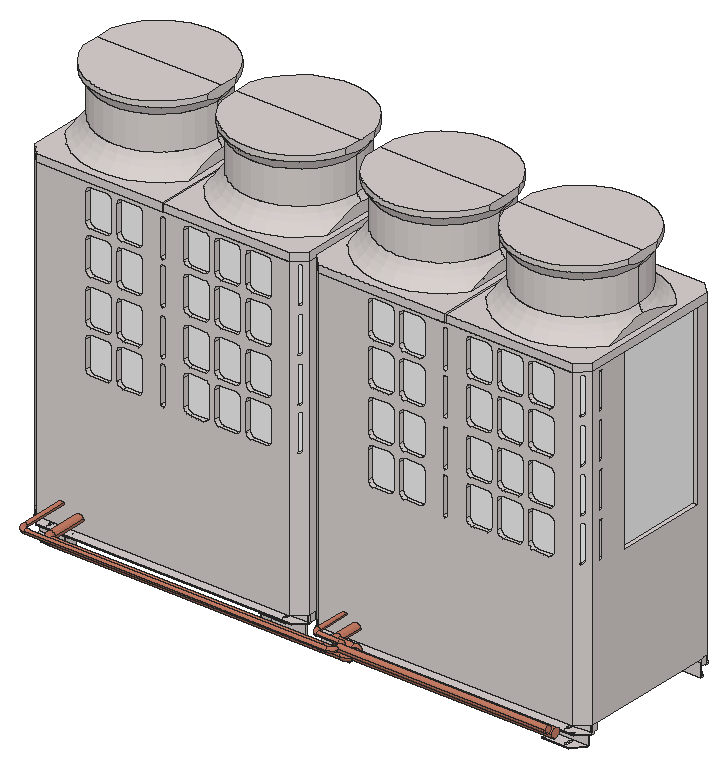
Revit family "PURY-EP850YSNW-A1", category 機械設備, Revit 2016 (continued)
Definition of nested family "PURY-EP450YNW-A1"
  Dimensions and locks
    cut or joined group 1 (Extrusion 1, Extrusion 2, Extrusion 3, Extrusion 4, Extrusion 5, Extrusion 6, Extrusion 7, Extrusion 8, Extrusion 9, Extrusion 10, Extrusion 11, Extrusion 12, Extrusion 13, Extrusion 14, Extrusion 15, Extrusion 16, Extrusion 17, Extrusion 18, Extrusion 19, Extrusion 20, Extrusion 21, Extrusion 22, Extrusion 23, Extrusion 24, Extrusion 25, Extrusion 26, Extrusion 27, Extrusion 28, Extrusion 29, Extrusion 30, Extrusion 31, Extrusion 32, Extrusion 33) to plane 12 to cut or joined group 1 = 805.000 mm, 621.000 mm
    plane 5 to plane 2 = 1858.000 mm  (x2)
    cut or joined group 1 to plane 19 "132" = 132.000 mm
    cut or joined group 1 to plane 22 = 207.000 mm
    cut or joined group 1 to plane 23 = 256.000 mm
    cut or joined group 1 to plane 6 = 60.000 mm
    cut or joined group 1 to cut or joined group 1 = 42.154 mm
    cut or joined group 1 to cut or joined group 1 = 11.895 mm
    nested 1 to nested 3 to level = 1798.000 mm, 60.000 mm
    nested 1 to nested 1 = 303.000 mm
    nested 1 to nested 3 = 1495.000 mm
    nested 8 to nested 8 to nested 8 to nested 7 to nested 7 to nested 7 = 54.000 mm, 20.000 mm, 592.000 mm, 20.000 mm, 54.000 mm
    nested 3 to nested 3 = 56.000 mm
    plane 11 to plane 31 to plane 32 to cut or joined group 1 = 90.000 mm, 1060.000 mm, 90.000 mm
    curve 103 to nested 7 = 90.000 mm
    curve 104 to nested 7 = 125.000 mm
    curve 101 to nested 7 = 100.000 mm
    curve 11 to curve 13 to nested 7 = 84.000 mm, 71.000 mm
    cut or joined group 1 to curve 12 to curve 14 = 125.000 mm, 148.000 mm
    nested 2 to nested 7 = 1495.000 mm
    curve 87 to cut or joined group 1 = 152.000 mm
    curve 88 to cut or joined group 1 = 172.000 mm
    curve 89 to cut or joined group 1 = 216.000 mm
    cut or joined group 1 to curve 4 to curve 2 = 128.000 mm, 150.000 mm
    cut or joined group 1 to curve 1 to curve 3 = 79.000 mm, 94.000 mm
    Extrusion 32 sketch curve to nested 7 = 116.000 mm
    cut or joined group 1 to Extrusion 32 sketch curve = 160.000 mm
    cut or joined group 1 to Extrusion 33 sketch curve = 243.000 mm
    Extrusion 33 sketch curve to nested 7 = 116.000 mm
    aligned and locked: level to plane 2
    aligned and locked: Extrusion 1 to plane 4
  Nested families
    nested 1: "FAN GUARD" at (-311.5, 2, 860), type "FAN GUARD"
      with WIDTH 870.000 mm
    nested 2: "FAN GUARD" at (311.5, 2, 860) x (-1, 0, 0) z (0, 0, 1), type "FAN GUARD"
      with WIDTH 870.000 mm
    nested 3: "ATTACHMENT LEG" at (-524, -349, 0), type "ATTACHMENT LEG"
    nested 4: "ATTACHMENT LEG" at (-524, 349, 0), type "ATTACHMENT LEG"
    nested 5: "ATTACHMENT LEG" at (524, -349, 0) x (-1, 0, 0) z (0, 0, 1), type "ATTACHMENT LEG"
    nested 6: "ATTACHMENT LEG" at (524, 349, 0) x (-1, 0, 0) z (0, 0, 1), type "ATTACHMENT LEG"
    nested 7: "BASE LEG_L_" at (0, -352, 60), type "BASE LEG_L_"
      with Width 1240.000 mm
    nested 8: "BASE LEG_L_" at (0, 352, 60), type "BASE LEG_L_"
      with Width 1240.000 mm
  Connectors
    piping at (-460, -191, 176), diameter 25.4, driven by "Liquid pipe_radius"
      settings: on cut or joined group 1, index 3, connector inside diameter 25.4 mm, connector length 0.000 mm, flow factor 0, pipe flow 0.0 L/s, pressure drop 0.0 Pa, fitting loss kfactor 0, connector angle 0.00°, fixture units 0, engagement length 0.000 mm, angle of deflection 0.00°, flow configuration 0, flow direction 0, fitting loss method 0, system type 22, joint type 0, gender type 0, connector reference index -1, connector utility 0, adjustable connector no, is connector primary yes, connector description "Refrigerant service valve<Liquid pipe>"
    piping at (-377, -191, 176), diameter 28.58, driven by "Gas pipe_radius"
      settings: on cut or joined group 1, index 4, connector inside diameter 28.58 mm, connector length 0.000 mm, flow factor 0, pipe flow 0.0 L/s, pressure drop 0.0 Pa, fitting loss kfactor 0, connector angle 0.00°, fixture units 0, engagement length 0.000 mm, angle of deflection 0.00°, flow configuration 0, flow direction 0, fitting loss method 0, system type 22, joint type 0, gender type 0, connector reference index -1, connector utility 0, adjustable connector no, is connector primary no, connector description "Refrigerant service valve<Gas>"
    electrical at (0, -370, 808)
      settings: on cut or joined group 1, index 5, voltage 0 V, apparent load 0 VA, apparent load phase1 0 VA, apparent load phase2 0 VA, apparent load phase3 0 VA, power factor 1, load classification none, number of poles 1, system type 30, power factor state 1, is connector primary yes, connector utility no, sub classification motor no, connector description ""
  Definition of nested family "FAN GUARD"
    Parameters
      WIDTH [instance] = 870.000 mm
    Reference planes
      plane 1 "中心(正面/背面)": y = -2
      plane 2: z = 0
      plane 3 "ファンガード基準面": z = 661
      plane 4: y = 368
      plane 5: x = 366
      plane 6: x = -375
      plane 7 "ファンガード基準上面": z = 695
      plane 8 "ファンガード上面": z = 998
      plane 9: x = -273.971
      plane 10: x = 308.5
      plane 11: x = -308.5
      plane 12: x = 0
    Forms (mm)
      Extrusion 1, solid
        sketch origin (85, 0, 661) x (-1, 0, 0) y (0, -1, 0)
          loop
            line (343.5, -368) -> (393.5, -318) -> (393.5, 322) -> (343.5, 372) -> (-223.5, 372) -> (-223.5, -368) -> (343.5, -368)
        from 0 to 34
      Revolve 2, solid
        sketch origin (0, -2, 0) x (1, 0, 0) y (0, 0, 1)
          loop
            line (0, 695) -> (0, 998) -> (-290, 998) -> (-290, 972.327) -> (-260, 928.372) -> (-260, 777.384)
            arc (-260, 777.384) -> (-290.651, 730.137) -> (-334.665, 695) r 175.882
            line (-334.665, 695) -> (0, 695)
          axis (0, 998) -> (0, 695)
        angle from 0 to 360
      Extrusion 3, void
        sketch origin (-840, 75, 695) x (-1, 0, 0) y (0, -1, 0)
          loop
            line (-410, -165) -> (-410, 315) -> (-561.253, 315) -> (-561.253, -165) -> (-410, -165)
        from -35 to 430.592
      Extrusion 4, void
        sketch origin (840, 75, 695) x (1, 0, 0) y (0, 1, 0)
          loop
            line (-410, 165) -> (-561.253, 165) -> (-561.253, -315) -> (-410, -315) -> (-410, 165)
        from 0 to 430.592
    Cuts and joins
      Extrusion 3, Extrusion 4 cuts Revolve 2
      Extrusion 4 cuts Extrusion 1
    Lines and regions (mm)
      model lines
        curve 1: line (-278.747, 0, 998) -> (-80, 0, 998)
        curve 2: line (80, 0, 998) -> (278.747, 0, 998)
        curve 3: circle (0, 0, 998) r 80 normal (0, 0, 1)
        curve 4: line (-278.747, -80, 998) -> (278.747, -80, 998)
        curve 5: line (-241.868, -160, 998) -> (241.868, -160, 998)
        curve 6: line (-162.788, -240, 998) -> (162.788, -240, 998)
        curve 7: line (-278.747, 80, 998) -> (278.747, 80, 998)
        curve 8: line (-241.868, 160, 998) -> (240, 160, 998)
        curve 9: line (-160, 240, 998) -> (162.788, 240, 998)
        curve 10: line (0, 290, 998) -> (0, -290, 998)
        curve 11: line (-20, 289.31, 998) -> (-20, -289.31, 998)
        curve 12: line (-40, 287.228, 998) -> (-40, -287.228, 998)
        curve 13: line (-60, 283.725, 998) -> (-60, -283.725, 998)
        curve 14: line (-80, 278.747, 998) -> (-80, -278.747, 998)
        curve 15: line (20, 289.31, 998) -> (20, -289.31, 998)
        curve 16: line (40, 287.228, 998) -> (40, -287.228, 998)
        curve 17: line (60, 283.725, 998) -> (60, -283.725, 998)
        curve 18: line (80, 278.747, 998) -> (80, -278.747, 998)
        curve 19: line (100, 272.213, 998) -> (100, -272.213, 998)
        curve 20: line (120, 264.008, 998) -> (120, -264.008, 998)
        curve 21: line (140, 253.969, 998) -> (140, -253.969, 998)
        curve 22: line (160, 241.868, 998) -> (160, -243.132, 998)
        curve 23: line (180, 227.376, 998) -> (180, -227.624, 998)
        curve 24: line (200, 210, 998) -> (200, -210, 998)
        curve 25: line (220, 188.944, 998) -> (220, -188.944, 998)
        curve 26: line (240, 160, 998) -> (240, -162.788, 998)
        curve 27: line (260, 128.452, 998) -> (260, -128.452, 998)
        curve 28: line (-100, 272.213, 998) -> (-100, -272.213, 998)
        curve 29: line (-120, 264.008, 998) -> (-120, -264.008, 998)
        curve 30: line (-140, 253.969, 998) -> (-140, -253.969, 998)
        curve 31: line (-160, 240, 998) -> (-160, -241.868, 998)
        curve 32: line (-180, 227.376, 998) -> (-180, -227.376, 998)
        curve 33: line (-200, 210, 998) -> (-200, -210, 998)
        curve 34: line (-220, 188.944, 998) -> (-220, -188.944, 998)
        curve 35: line (-240, 162.788, 998) -> (-240, -162.788, 998)
        curve 36: line (-260, 128.452, 998) -> (-260, -128.452, 998)
        curve 37: line (10, 79.373, 998) -> (10, -79.373, 998)
        curve 38: line (-10, 79.373, 998) -> (-10, -79.373, 998)
        curve 39: line (30, 74.162, 998) -> (30, -74.162, 998)
        curve 40: line (50, 62.45, 998) -> (50, -62.45, 998)
        curve 41: line (70, 38.73, 998) -> (70, -38.73, 998)
        curve 42: line (-30, 74.162, 998) -> (-30, -74.162, 998)
        curve 43: line (-50, 62.45, 998) -> (-50, -62.45, 998)
        curve 44: line (-70, 38.73, 998) -> (-70, -38.73, 998)
    Dimensions and locks
      locked: plane 8 "ファンガード上面" to plane 7 "ファンガード基準上面" at 303
      plane 8 "ファンガード上面" to plane 3 "ファンガード基準面" = 337.000 mm
      Revolve 2 sketch curve to Revolve 2 sketch curve = 290.000 mm
      Extrusion 1 sketch curve to Extrusion 1 sketch curve = 740.000 mm
      equal spacing: Extrusion 1 sketch curve, plane 1 "中心(正面/背面)", Extrusion 1 sketch curve
      plane 6 to plane 5 = 741.000 mm
      Extrusion 1 sketch curve to Extrusion 1 sketch curve = 617.000 mm
      plane 11 to plane 10 = 617.000 mm
      cut or joined group of Extrusion 1, Extrusion 4 to cut or joined group of Extrusion 1, Extrusion 4 = 617.000 mm
      cut or joined group of Extrusion 1, Extrusion 4 to cut or joined group of Extrusion 1, Extrusion 4 = 740.000 mm
      aligned and locked: level to plane 2
      aligned and locked: plane 7 "ファンガード基準上面" to Extrusion 1
      aligned and locked: plane 3 "ファンガード基準面" to Extrusion 1
      aligned and locked: cut or joined group of Revolve 2, Extrusion 3, Extrusion 4 to plane 8 "ファンガード上面"
  Definition of nested family "ATTACHMENT LEG"
    Parameters
      Width = 145.000 mm
    Reference planes
      plane 1: z = 0
      plane 2 "中心(左/右)": x = -6
      plane 3: x = -52
      plane 4: x = 85
      plane 5: x = 93
      plane 6: y = -21
      plane 7: y = 27
      plane 8: x = -30
      plane 9: y = 39
      plane 10: z = 60
      plane 11: z = 57
      plane 12: z = 3
      plane 13: x = 82
      plane 14: y = 36
      plane 15: x = -75
      plane 16: y = 31
      plane 17 "幅": x = 93
      plane 18: y = 2.5
      plane 19: y = 21
      plane 20: y = -10
    Forms (mm)
      Extrusion 1, solid
        sketch origin (0, -1, 0) x (1, 0, 0) y (0, 1, 0)
          loop
            line (-75, 36) -> (-75, 27) -> (-28, -20) -> (93, -20) -> (93, 32) -> (85, 32) -> (85, 36) -> (-75, 36)
        from 0 to 60
      Extrusion 2, void
        sketch origin (0, -3, 0) x (1, 0, 0) y (0, 0, 1)
          loop
            line (-75, 57) -> (-75, 3) -> (82, 3) -> (82, 57) -> (-75, 57)
          loop
            line (93, 57) -> (85, 57) -> (85, 3) -> (93, 3) -> (93, 57)
        from -35 to 18
      Extrusion 3, void
        sketch origin (-6, 5.5, 0) x (1, 0, 0) y (0, 1, 0)
          loop
            arc (-7, -8.5) -> (0, -15.5) -> (7, -8.5) r 7
            line (7, -8.5) -> (7, 8.5)
            arc (7, 8.5) -> (0, 15.5) -> (-7, 8.5) r 7
            line (-7, 8.5) -> (-7, -8.5)
        from 0 to 60
    Cuts and joins
      Extrusion 2, Extrusion 3 cuts Extrusion 1
    Dimensions and locks
      locked: plane 3 to plane 4 at 137
      locked: plane 3 to plane 5 at 145
      plane 6 to plane 7 = 48.000 mm
      locked: plane 10 to level at 60
      Extrusion 3 sketch curve to plane 2 "中心(左/右)" = 7.000 mm
      locked: plane 15 to plane 2 "中心(左/右)" at 69
      locked: plane 15 to plane 8 at 45
      locked: plane 6 to plane 18 at 23.5
      cut or joined group of Extrusion 1, Extrusion 2, Extrusion 3 to cut or joined group of Extrusion 1, Extrusion 2, Extrusion 3 = 168.000 mm
      cut or joined group of Extrusion 1, Extrusion 2, Extrusion 3 to cut or joined group of Extrusion 1, Extrusion 2, Extrusion 3 = 56.000 mm  (x2)
      plane 14 to plane 6 = 57.000 mm
      aligned and locked: level to plane 1
      aligned and locked: Extrusion 1 sketch curve to plane 4
      aligned and locked: Extrusion 1 sketch curve to plane 5
      aligned: plane 8 to Extrusion 1 sketch curve
      aligned and locked: plane 10 to Extrusion 1
      aligned and locked: Extrusion 2 sketch curve to plane 11
      aligned: plane 3 to Extrusion 2 sketch curve
      aligned and locked: plane 12 to Extrusion 2 sketch curve
      aligned and locked: Extrusion 2 sketch curve to plane 13
      aligned and locked: plane 6 to Extrusion 2
      aligned and locked: plane 11 to Extrusion 2 sketch curve
      aligned and locked: plane 5 to Extrusion 2 sketch curve
      aligned and locked: Extrusion 2 sketch curve to plane 12
      aligned and locked: Extrusion 2 sketch curve to plane 4
      aligned and locked: plane 15 to Extrusion 1 sketch curve
      aligned and locked: Extrusion 2 sketch curve to cut or joined group of Extrusion 1, Extrusion 2, Extrusion 3
      aligned and locked: Extrusion 1 to plane 16
  Definition of nested family "BASE LEG_L_"
    Parameters
      Width [instance] = 1240.000 mm
    Reference planes
      plane 1 "中心(正面/背面)": y = 0
      plane 2: z = 0
      plane 3 "中心(左/右)": x = 0
      plane 4: x = 620
      plane 5: x = -620
      plane 6: x = -530
      plane 7: x = 530
      plane 8: y = -18
      plane 9: y = 39
      plane 10: z = 53
      plane 11: y = 42
      plane 12: y = 27
      plane 13: x = 575
      plane 14: x = -575
      plane 15: z = 8
      plane 16: y = 11.5
      plane 17: z = 35
    Forms (mm)
      Extrusion 1, solid
        sketch origin (0, 0, 0) x (0, 1, 0) y (0, 0, 1)
          loop
            line (-18, 0) -> (36, 0) -> (36, 32) -> (56, 32) -> (56, 35) -> (33, 35) -> (33, 3) -> (-18, 3) -> (-18, 0)
        from -620 to 620
      Extrusion 2, void
        sketch origin (0, 0, 0) x (1, 0, 0) y (0, 1, 0)
          loop
            line (575, -18) -> (620, -18) -> (620, 27) -> (575, -18)
          loop
            line (-575, -18) -> (-620, 27) -> (-620, -18) -> (-575, -18)
        from 0 to 250
      Extrusion 3, void
        sketch origin (0, 12.023, 0) x (1, 0, 0) y (0, 1, 0)
          loop
            arc (523, -2.971) -> (530, -9.971) -> (537, -2.971) r 7
            line (537, -2.971) -> (537, 3.023)
            arc (537, 3.023) -> (530, 10.023) -> (523, 3.023) r 7
            line (523, 3.023) -> (523, -2.971)
          loop
            line (-523, -2.971) -> (-523, 3.023)
            arc (-523, 3.023) -> (-530, 10.023) -> (-537, 3.023) r 7
            line (-537, 3.023) -> (-537, -2.971)
            arc (-537, -2.971) -> (-530, -9.971) -> (-523, -2.971) r 7
        from 0 to 250
      Extrusion 4, solid
        sketch origin (0, 0, -3) x (1, 0, 0) y (0, 0, 1)
          loop
            line (617, 8) -> (620, 8) -> (620, 35) -> (617, 35) -> (617, 8)
          loop
            line (-617, 8) -> (-617, 35) -> (-620, 35) -> (-620, 8) -> (-617, 8)
        from -36 to -56
      Extrusion 5, solid
        sketch origin (150, 352, 0) x (1, 0, 0) y (0, 1, 0)
          loop
            line (460, -319) -> (455, -319) -> (455, -320) -> (405, -370) -> (410, -370) -> (460, -320) -> (460, -319)
        from 3 to 35
      Extrusion 6, void
        sketch origin (560, -18, 0) x (0.707107, 0.707107, 0) y (0, 0, 1)
          loop
            line (70.711, 3) -> (-6.741, 39.767) -> (-6.741, 3) -> (70.711, 3)
        from -190.256 to 23.776
      Extrusion 7, solid
        sketch origin (-150, 352, 0) x (-1, 0, 0) y (0, -1, 0)
          loop
            line (460, 319) -> (460, 320) -> (410, 370) -> (405, 370) -> (455, 320) -> (455, 319) -> (460, 319)
        from 3 to 35
      Extrusion 8, void
        sketch origin (-560, -18, 0) x (0.707107, -0.707107, 0) y (0, 0, -1)
          loop
            line (-70.711, -3) -> (0, -35) -> (6.741, -35) -> (6.741, -3) -> (-70.711, -3)
        from -190.256 to 23.776
    Cuts and joins
      Extrusion 2, Extrusion 3 cuts Extrusion 1
      joined: Extrusion 1, Extrusion 4
      Extrusion 8 cuts Extrusion 7
      Extrusion 6 cuts Extrusion 5
    Dimensions and locks
      "Width": plane 5 to plane 4
      equal spacing: plane 5, plane 3 "中心(左/右)", plane 4
      locked: plane 5 to plane 6 at 90
      locked: plane 7 to plane 4 at 90
      locked: plane 8 to plane 9 at 57
      locked: plane 10 to level at 53
      locked: plane 9 to plane 11 at 3
      plane 8 to plane 12 = 45.000 mm
      locked: plane 13 to plane 4 at 45
      locked: plane 5 to plane 14 at 45
      equal spacing: Extrusion 3 sketch curve, plane 7, Extrusion 3 sketch curve
      equal spacing: Extrusion 3 sketch curve, plane 6, Extrusion 3 sketch curve
      locked: plane 10 to plane 15 at 45
      locked: cut or joined group of Extrusion 1, Extrusion 2, Extrusion 3, Extrusion 4 to Extrusion 4 sketch curve at 3  (x2)
      locked: plane 8 to plane 16 at 29.5
      plane 8 to plane 11 = 60.000 mm
      cut or joined group of Extrusion 1, Extrusion 2, Extrusion 3, Extrusion 4 to cut or joined group of Extrusion 1, Extrusion 2, Extrusion 3, Extrusion 4 = 35.000 mm
      aligned and locked: level to plane 2
      aligned and locked: plane 8 to Extrusion 1 sketch curve
      aligned and locked: plane 4 to Extrusion 1
      aligned and locked: Extrusion 1 to plane 5
      aligned and locked: Extrusion 2 sketch curve to plane 4
      aligned and locked: Extrusion 2 sketch curve to plane 8
      aligned and locked: plane 12 to Extrusion 2 sketch curve
      aligned and locked: plane 13 to Extrusion 2 sketch curve
      aligned and locked: plane 4 to Extrusion 4 sketch curve
      aligned and locked: plane 5 to Extrusion 4 sketch curve
      aligned and locked: cut or joined group of Extrusion 7, Extrusion 8 to cut or joined group of Extrusion 1, Extrusion 2, Extrusion 3, Extrusion 4
    Automatic sketch dimensions
      Extrusion 3 sketch curve to plane 1 "中心(正面/背面)" = 9.052 mm  (x2)
      Extrusion 3 sketch curve to plane 7 = 7.000 mm
      Extrusion 3 sketch curve to plane 1 "中心(正面/背面)" = 15.046 mm  (x2)
      Extrusion 3 sketch curve to plane 6 = 7.000 mm
      Extrusion 2 sketch curve to plane 5 = 0.000 mm
      plane 8 to Extrusion 2 sketch curve = 0.000 mm
      Extrusion 2 sketch curve to plane 14 = 0.000 mm
      plane 12 to Extrusion 2 sketch curve = 0.000 mm
      Extrusion 4 sketch curve to plane 10 = 21.000 mm
      plane 7 to Extrusion 5 sketch curve = 25.000 mm
      Extrusion 5 sketch curve to Extrusion 5 sketch curve = 5.000 mm  (x2)
      plane 7 to Extrusion 5 sketch curve = 75.000 mm
      plane 8 to Extrusion 5 sketch curve = 0.000 mm
      Extrusion 5 sketch curve to Extrusion 5 sketch curve = 50.000 mm
      Extrusion 5 sketch curve to Extrusion 5 sketch curve = 0.000 mm
      Extrusion 5 sketch curve to Extrusion 5 sketch curve = 1.000 mm
      Extrusion 6 sketch curve to Extrusion 5 = 0.000 mm  (x2)
      Extrusion 6 sketch curve to Extrusion 5 = 6.741 mm
      Extrusion 6 sketch curve to Extrusion 5 = 4.767 mm
      plane 6 to Extrusion 7 sketch curve = 25.000 mm
      Extrusion 7 sketch curve to Extrusion 7 sketch curve = 5.000 mm  (x2)
      Extrusion 7 sketch curve to Extrusion 7 sketch curve = 45.000 mm
      Extrusion 7 sketch curve to plane 8 = 0.000 mm
      Extrusion 7 sketch curve to Extrusion 7 sketch curve = 50.000 mm
      Extrusion 7 sketch curve to Extrusion 7 sketch curve = 0.000 mm
      Extrusion 7 sketch curve to Extrusion 7 sketch curve = 1.000 mm
      Extrusion 8 sketch curve to Extrusion 7 = 0.000 mm  (x2)
      Extrusion 7 to Extrusion 8 sketch curve = 0.000 mm  (x2)
      Extrusion 7 to Extrusion 8 sketch curve = 6.741 mm
      Extrusion 4 sketch curve to plane 17 = 3.000 mm
      Extrusion 4 sketch curve to plane 15 = 3.000 mm  (x2)
      Extrusion 1 sketch curve to plane 17 = 0.000 mm
      Extrusion 1 sketch curve to level = 0.000 mm
      level to Extrusion 1 sketch curve = 3.000 mm
      plane 9 to Extrusion 1 sketch curve = 6.000 mm
      plane 9 to Extrusion 1 sketch curve = 3.000 mm
      Extrusion 1 sketch curve to plane 17 = 3.000 mm
      Extrusion 1 sketch curve to plane 11 = 14.000 mm
Definition of nested family "PURY-EP400YNW-A1"
  Parameters
    Model = "PURY-P400YNW-A"
    URL = "http://www.mitsubishielectric.com/"
    Manufacturer = "Mitsubishi Electric Corporation"
    Liquid pipe_radius = 12.700 mm
    Gas pipe_radius = 14.290 mm
  Reference planes
    plane 1 "Center (Front/Back)": y = 0
    plane 2: z = 0
    plane 3 "Center (Left/Right)": x = 0
    plane 4: y = 370
    plane 5: z = 1858
    plane 6: y = -260
    plane 7: y = -204
    plane 8: y = -185
    plane 9: x = -620
    plane 10: x = 620
    plane 11: x = -620
    plane 12: z = 716
    plane 13: x = -524
    plane 14: z = 669
    plane 15: x = -50.5
    plane 16: x = 51
    plane 17: x = 489
    plane 18: x = 467
    plane 19 "132": x = 488
    plane 20 "100": z = 160
    plane 21: z = 185
    plane 22: x = 413
    plane 23: x = 364
    plane 24: z = 150
    plane 25: x = -287.25
    plane 26: x = -137.25
    plane 27: x = -272.25
    plane 28: y = -278
    plane 29: z = 1509
    plane 30: y = -370
    plane 31: x = -530
    plane 32: x = 530
    plane 33 "179": y = -191
  Forms (mm)
    Extrusion 1, solid
      sketch origin (-1, 0, 113) x (-1, 0, 0) y (0, -1, 0)
        loop
          line (569, -370) -> (619, -320) -> (619, 320) -> (569, 370) -> (-571, 370) -> (-621, 320) -> (-621, -320) -> (-571, -370) -> (569, -370)
      from -18 to 1408
    Extrusion 2, void
      sketch origin (524, -370, 113) x (1, 0, 0) y (0, 0, -1)
        loop
          arc (-60.8, -1393.5) -> (-42.557, -1385.943) -> (-35, -1367.7) r 25.8
          line (-35, -1367.7) -> (-35, -1248.5)
          arc (-35, -1248.5) -> (-42.557, -1230.257) -> (-60.8, -1222.7) r 25.8
          line (-60.8, -1222.7) -> (-126, -1222.7)
          arc (-126, -1222.7) -> (-144.243, -1230.257) -> (-151.8, -1248.5) r 25.8
          line (-151.8, -1248.5) -> (-151.8, -1367.7)
          arc (-151.8, -1367.7) -> (-144.243, -1385.943) -> (-126, -1393.5) r 25.8
          line (-126, -1393.5) -> (-60.8, -1393.5)
      from 0 to 20
    Extrusion 3, void
      sketch origin (524, -370, -81) x (1, 0, 0) y (0, 0, -1)
        loop
          arc (-60.8, -1393.5) -> (-42.557, -1385.943) -> (-35, -1367.7) r 25.8
          line (-35, -1367.7) -> (-35, -1248.5)
          arc (-35, -1248.5) -> (-42.557, -1230.257) -> (-60.8, -1222.7) r 25.8
          line (-60.8, -1222.7) -> (-126, -1222.7)
          arc (-126, -1222.7) -> (-144.243, -1230.257) -> (-151.8, -1248.5) r 25.8
          line (-151.8, -1248.5) -> (-151.8, -1367.7)
          arc (-151.8, -1367.7) -> (-144.243, -1385.943) -> (-126, -1393.5) r 25.8
          line (-126, -1393.5) -> (-60.8, -1393.5)
      from 0 to 20
    Extrusion 4, void
      sketch origin (524, -370, -287) x (1, 0, 0) y (0, 0, -1)
        loop
          arc (-60.8, -1393.5) -> (-42.557, -1385.943) -> (-35, -1367.7) r 25.8
          line (-35, -1367.7) -> (-35, -1248.5)
          arc (-35, -1248.5) -> (-42.557, -1230.257) -> (-60.8, -1222.7) r 25.8
          line (-60.8, -1222.7) -> (-126, -1222.7)
          arc (-126, -1222.7) -> (-144.243, -1230.257) -> (-151.8, -1248.5) r 25.8
          line (-151.8, -1248.5) -> (-151.8, -1367.7)
          arc (-151.8, -1367.7) -> (-144.243, -1385.943) -> (-126, -1393.5) r 25.8
          line (-126, -1393.5) -> (-60.8, -1393.5)
      from 0 to 20
    Extrusion 5, void
      sketch origin (524, -370, -481) x (1, 0, 0) y (0, 0, -1)
        loop
          arc (-60.8, -1393.5) -> (-42.557, -1385.943) -> (-35, -1367.7) r 25.8
          line (-35, -1367.7) -> (-35, -1248.5)
          arc (-35, -1248.5) -> (-42.557, -1230.257) -> (-60.8, -1222.7) r 25.8
          line (-60.8, -1222.7) -> (-126, -1222.7)
          arc (-126, -1222.7) -> (-144.243, -1230.257) -> (-151.8, -1248.5) r 25.8
          line (-151.8, -1248.5) -> (-151.8, -1367.7)
          arc (-151.8, -1367.7) -> (-144.243, -1385.943) -> (-126, -1393.5) r 25.8
          line (-126, -1393.5) -> (-60.8, -1393.5)
      from 0 to 20
    Extrusion 6, void
      sketch origin (384, -370, 113) x (1, 0, 0) y (0, 0, -1)
        loop
          arc (-60.8, -1393.5) -> (-42.557, -1385.943) -> (-35, -1367.7) r 25.8
          line (-35, -1367.7) -> (-35, -1248.5)
          arc (-35, -1248.5) -> (-42.557, -1230.257) -> (-60.8, -1222.7) r 25.8
          line (-60.8, -1222.7) -> (-126, -1222.7)
          arc (-126, -1222.7) -> (-144.243, -1230.257) -> (-151.8, -1248.5) r 25.8
          line (-151.8, -1248.5) -> (-151.8, -1367.7)
          arc (-151.8, -1367.7) -> (-144.243, -1385.943) -> (-126, -1393.5) r 25.8
          line (-126, -1393.5) -> (-60.8, -1393.5)
      from 0 to 20
    Extrusion 7, void
      sketch origin (384, -370, -81) x (1, 0, 0) y (0, 0, -1)
        loop
          arc (-60.8, -1393.5) -> (-42.557, -1385.943) -> (-35, -1367.7) r 25.8
          line (-35, -1367.7) -> (-35, -1248.5)
          arc (-35, -1248.5) -> (-42.557, -1230.257) -> (-60.8, -1222.7) r 25.8
          line (-60.8, -1222.7) -> (-126, -1222.7)
          arc (-126, -1222.7) -> (-144.243, -1230.257) -> (-151.8, -1248.5) r 25.8
          line (-151.8, -1248.5) -> (-151.8, -1367.7)
          arc (-151.8, -1367.7) -> (-144.243, -1385.943) -> (-126, -1393.5) r 25.8
          line (-126, -1393.5) -> (-60.8, -1393.5)
      from 0 to 20
    Extrusion 8, void
      sketch origin (384, -370, -287) x (1, 0, 0) y (0, 0, -1)
        loop
          arc (-60.8, -1393.5) -> (-42.557, -1385.943) -> (-35, -1367.7) r 25.8
          line (-35, -1367.7) -> (-35, -1248.5)
          arc (-35, -1248.5) -> (-42.557, -1230.257) -> (-60.8, -1222.7) r 25.8
          line (-60.8, -1222.7) -> (-126, -1222.7)
          arc (-126, -1222.7) -> (-144.243, -1230.257) -> (-151.8, -1248.5) r 25.8
          line (-151.8, -1248.5) -> (-151.8, -1367.7)
          arc (-151.8, -1367.7) -> (-144.243, -1385.943) -> (-126, -1393.5) r 25.8
          line (-126, -1393.5) -> (-60.8, -1393.5)
      from 0 to 20
    Extrusion 9, void
      sketch origin (384, -370, -481) x (1, 0, 0) y (0, 0, -1)
        loop
          arc (-60.8, -1393.5) -> (-42.557, -1385.943) -> (-35, -1367.7) r 25.8
          line (-35, -1367.7) -> (-35, -1248.5)
          arc (-35, -1248.5) -> (-42.557, -1230.257) -> (-60.8, -1222.7) r 25.8
          line (-60.8, -1222.7) -> (-126, -1222.7)
          arc (-126, -1222.7) -> (-144.243, -1230.257) -> (-151.8, -1248.5) r 25.8
          line (-151.8, -1248.5) -> (-151.8, -1367.7)
          arc (-151.8, -1367.7) -> (-144.243, -1385.943) -> (-126, -1393.5) r 25.8
          line (-126, -1393.5) -> (-60.8, -1393.5)
      from 0 to 20
    Extrusion 10, void
      sketch origin (244, -370, 113) x (1, 0, 0) y (0, 0, -1)
        loop
          arc (-60.8, -1393.5) -> (-42.557, -1385.943) -> (-35, -1367.7) r 25.8
          line (-35, -1367.7) -> (-35, -1248.5)
          arc (-35, -1248.5) -> (-42.557, -1230.257) -> (-60.8, -1222.7) r 25.8
          line (-60.8, -1222.7) -> (-126, -1222.7)
          arc (-126, -1222.7) -> (-144.243, -1230.257) -> (-151.8, -1248.5) r 25.8
          line (-151.8, -1248.5) -> (-151.8, -1367.7)
          arc (-151.8, -1367.7) -> (-144.243, -1385.943) -> (-126, -1393.5) r 25.8
          line (-126, -1393.5) -> (-60.8, -1393.5)
      from 0 to 20
    Extrusion 11, void
      sketch origin (244, -370, -81) x (1, 0, 0) y (0, 0, -1)
        loop
          arc (-60.8, -1393.5) -> (-42.557, -1385.943) -> (-35, -1367.7) r 25.8
          line (-35, -1367.7) -> (-35, -1248.5)
          arc (-35, -1248.5) -> (-42.557, -1230.257) -> (-60.8, -1222.7) r 25.8
          line (-60.8, -1222.7) -> (-126, -1222.7)
          arc (-126, -1222.7) -> (-144.243, -1230.257) -> (-151.8, -1248.5) r 25.8
          line (-151.8, -1248.5) -> (-151.8, -1367.7)
          arc (-151.8, -1367.7) -> (-144.243, -1385.943) -> (-126, -1393.5) r 25.8
          line (-126, -1393.5) -> (-60.8, -1393.5)
      from 0 to 20
    Extrusion 12, void
      sketch origin (244, -370, -287) x (1, 0, 0) y (0, 0, -1)
        loop
          arc (-60.8, -1393.5) -> (-42.557, -1385.943) -> (-35, -1367.7) r 25.8
          line (-35, -1367.7) -> (-35, -1248.5)
          arc (-35, -1248.5) -> (-42.557, -1230.257) -> (-60.8, -1222.7) r 25.8
          line (-60.8, -1222.7) -> (-126, -1222.7)
          arc (-126, -1222.7) -> (-144.243, -1230.257) -> (-151.8, -1248.5) r 25.8
          line (-151.8, -1248.5) -> (-151.8, -1367.7)
          arc (-151.8, -1367.7) -> (-144.243, -1385.943) -> (-126, -1393.5) r 25.8
          line (-126, -1393.5) -> (-60.8, -1393.5)
      from 0 to 20
    Extrusion 13, void
      sketch origin (244, -370, -481) x (1, 0, 0) y (0, 0, -1)
        loop
          arc (-60.8, -1393.5) -> (-42.557, -1385.943) -> (-35, -1367.7) r 25.8
          line (-35, -1367.7) -> (-35, -1248.5)
          arc (-35, -1248.5) -> (-42.557, -1230.257) -> (-60.8, -1222.7) r 25.8
          line (-60.8, -1222.7) -> (-126, -1222.7)
          arc (-126, -1222.7) -> (-144.243, -1230.257) -> (-151.8, -1248.5) r 25.8
          line (-151.8, -1248.5) -> (-151.8, -1367.7)
          arc (-151.8, -1367.7) -> (-144.243, -1385.943) -> (-126, -1393.5) r 25.8
          line (-126, -1393.5) -> (-60.8, -1393.5)
      from 0 to 20
    Extrusion 14, void
      sketch origin (-56, -370, 113) x (1, 0, 0) y (0, 0, -1)
        loop
          arc (-60.8, -1393.5) -> (-42.557, -1385.943) -> (-35, -1367.7) r 25.8
          line (-35, -1367.7) -> (-35, -1248.5)
          arc (-35, -1248.5) -> (-42.557, -1230.257) -> (-60.8, -1222.7) r 25.8
          line (-60.8, -1222.7) -> (-126, -1222.7)
          arc (-126, -1222.7) -> (-144.243, -1230.257) -> (-151.8, -1248.5) r 25.8
          line (-151.8, -1248.5) -> (-151.8, -1367.7)
          arc (-151.8, -1367.7) -> (-144.243, -1385.943) -> (-126, -1393.5) r 25.8
          line (-126, -1393.5) -> (-60.8, -1393.5)
      from 0 to 20
    Extrusion 15, void
      sketch origin (-56, -370, -81) x (1, 0, 0) y (0, 0, -1)
        loop
          arc (-60.8, -1393.5) -> (-42.557, -1385.943) -> (-35, -1367.7) r 25.8
          line (-35, -1367.7) -> (-35, -1248.5)
          arc (-35, -1248.5) -> (-42.557, -1230.257) -> (-60.8, -1222.7) r 25.8
          line (-60.8, -1222.7) -> (-126, -1222.7)
          arc (-126, -1222.7) -> (-144.243, -1230.257) -> (-151.8, -1248.5) r 25.8
          line (-151.8, -1248.5) -> (-151.8, -1367.7)
          arc (-151.8, -1367.7) -> (-144.243, -1385.943) -> (-126, -1393.5) r 25.8
          line (-126, -1393.5) -> (-60.8, -1393.5)
      from 0 to 20
    Extrusion 16, void
      sketch origin (-56, -370, -287) x (1, 0, 0) y (0, 0, -1)
        loop
          arc (-60.8, -1393.5) -> (-42.557, -1385.943) -> (-35, -1367.7) r 25.8
          line (-35, -1367.7) -> (-35, -1248.5)
          arc (-35, -1248.5) -> (-42.557, -1230.257) -> (-60.8, -1222.7) r 25.8
          line (-60.8, -1222.7) -> (-126, -1222.7)
          arc (-126, -1222.7) -> (-144.243, -1230.257) -> (-151.8, -1248.5) r 25.8
          line (-151.8, -1248.5) -> (-151.8, -1367.7)
          arc (-151.8, -1367.7) -> (-144.243, -1385.943) -> (-126, -1393.5) r 25.8
          line (-126, -1393.5) -> (-60.8, -1393.5)
      from 0 to 20
    Extrusion 17, void
      sketch origin (-56, -370, -481) x (1, 0, 0) y (0, 0, -1)
        loop
          arc (-60.8, -1393.5) -> (-42.557, -1385.943) -> (-35, -1367.7) r 25.8
          line (-35, -1367.7) -> (-35, -1248.5)
          arc (-35, -1248.5) -> (-42.557, -1230.257) -> (-60.8, -1222.7) r 25.8
          line (-60.8, -1222.7) -> (-126, -1222.7)
          arc (-126, -1222.7) -> (-144.243, -1230.257) -> (-151.8, -1248.5) r 25.8
          line (-151.8, -1248.5) -> (-151.8, -1367.7)
          arc (-151.8, -1367.7) -> (-144.243, -1385.943) -> (-126, -1393.5) r 25.8
          line (-126, -1393.5) -> (-60.8, -1393.5)
      from 0 to 20
    Extrusion 18, void
      sketch origin (-196, -370, 113) x (1, 0, 0) y (0, 0, -1)
        loop
          arc (-60.8, -1393.5) -> (-42.557, -1385.943) -> (-35, -1367.7) r 25.8
          line (-35, -1367.7) -> (-35, -1248.5)
          arc (-35, -1248.5) -> (-42.557, -1230.257) -> (-60.8, -1222.7) r 25.8
          line (-60.8, -1222.7) -> (-126, -1222.7)
          arc (-126, -1222.7) -> (-144.243, -1230.257) -> (-151.8, -1248.5) r 25.8
          line (-151.8, -1248.5) -> (-151.8, -1367.7)
          arc (-151.8, -1367.7) -> (-144.243, -1385.943) -> (-126, -1393.5) r 25.8
          line (-126, -1393.5) -> (-60.8, -1393.5)
      from 0 to 20
    Extrusion 19, void
      sketch origin (-196, -370, -81) x (1, 0, 0) y (0, 0, -1)
        loop
          arc (-60.8, -1393.5) -> (-42.557, -1385.943) -> (-35, -1367.7) r 25.8
          line (-35, -1367.7) -> (-35, -1248.5)
          arc (-35, -1248.5) -> (-42.557, -1230.257) -> (-60.8, -1222.7) r 25.8
          line (-60.8, -1222.7) -> (-126, -1222.7)
          arc (-126, -1222.7) -> (-144.243, -1230.257) -> (-151.8, -1248.5) r 25.8
          line (-151.8, -1248.5) -> (-151.8, -1367.7)
          arc (-151.8, -1367.7) -> (-144.243, -1385.943) -> (-126, -1393.5) r 25.8
          line (-126, -1393.5) -> (-60.8, -1393.5)
      from 0 to 20
    Extrusion 20, void
      sketch origin (-196, -370, -287) x (1, 0, 0) y (0, 0, -1)
        loop
          arc (-60.8, -1393.5) -> (-42.557, -1385.943) -> (-35, -1367.7) r 25.8
          line (-35, -1367.7) -> (-35, -1248.5)
          arc (-35, -1248.5) -> (-42.557, -1230.257) -> (-60.8, -1222.7) r 25.8
          line (-60.8, -1222.7) -> (-126, -1222.7)
          arc (-126, -1222.7) -> (-144.243, -1230.257) -> (-151.8, -1248.5) r 25.8
          line (-151.8, -1248.5) -> (-151.8, -1367.7)
          arc (-151.8, -1367.7) -> (-144.243, -1385.943) -> (-126, -1393.5) r 25.8
          line (-126, -1393.5) -> (-60.8, -1393.5)
      from 0 to 20
    Extrusion 21, void
      sketch origin (-196, -370, -481) x (1, 0, 0) y (0, 0, -1)
        loop
          arc (-60.8, -1393.5) -> (-42.557, -1385.943) -> (-35, -1367.7) r 25.8
          line (-35, -1367.7) -> (-35, -1248.5)
          arc (-35, -1248.5) -> (-42.557, -1230.257) -> (-60.8, -1222.7) r 25.8
          line (-60.8, -1222.7) -> (-126, -1222.7)
          arc (-126, -1222.7) -> (-144.243, -1230.257) -> (-151.8, -1248.5) r 25.8
          line (-151.8, -1248.5) -> (-151.8, -1367.7)
          arc (-151.8, -1367.7) -> (-144.243, -1385.943) -> (-126, -1393.5) r 25.8
          line (-126, -1393.5) -> (-60.8, -1393.5)
      from 0 to 20
    Extrusion 22, void
      sketch origin (620, 320, 113) x (0, 1, 0) y (0, 0, -1)
        loop
          line (-462.3, -1408) -> (-50.8, -1408) -> (-50.8, -612) -> (-462.3, -612) -> (-462.3, -1408)
      from 0 to 20
    Extrusion 23, void
      sketch origin (-620, -320, 113) x (0, -1, 0) y (0, 0, -1)
        loop
          line (-535.7, -1408) -> (-207.7, -1408) -> (-207.7, -592) -> (-535.7, -592) -> (-535.7, -1408)
      from 0 to 20
    Extrusion 24, void
      sketch origin (194.892, 370, 113) x (-1, 0, 0) y (0, 0, -1)
        loop
          arc (204.892, -1225.013) -> (194.892, -1215.013) -> (184.892, -1225.013) r 10
          line (184.892, -1225.013) -> (184.892, -1379.987)
          arc (184.892, -1379.987) -> (194.892, -1389.987) -> (204.892, -1379.987) r 10
          line (204.892, -1379.987) -> (204.892, -1225.013)
        loop
          arc (204.892, -1031.013) -> (194.892, -1021.013) -> (184.892, -1031.013) r 10
          line (184.892, -1031.013) -> (184.892, -1185.987)
          arc (184.892, -1185.987) -> (194.892, -1195.987) -> (204.892, -1185.987) r 10
          line (204.892, -1185.987) -> (204.892, -1031.013)
        loop
          arc (204.892, -825.013) -> (194.892, -815.013) -> (184.892, -825.013) r 10
          line (184.892, -825.013) -> (184.892, -979.987)
          arc (184.892, -979.987) -> (194.892, -989.987) -> (204.892, -979.987) r 10
          line (204.892, -979.987) -> (204.892, -825.013)
        loop
          arc (204.892, -631.013) -> (194.892, -621.013) -> (184.892, -631.013) r 10
          line (184.892, -631.013) -> (184.892, -785.987)
          arc (184.892, -785.987) -> (194.892, -795.987) -> (204.892, -785.987) r 10
          line (204.892, -785.987) -> (204.892, -631.013)
      from 0 to 20
    Extrusion 25, void
      sketch origin (-570, 370, 113) x (0.707107, 0.707107, 0) y (0, 0, 1)
        loop
          arc (-45.355, 1236) -> (-35.355, 1226) -> (-25.355, 1236) r 10
          line (-25.355, 1236) -> (-25.355, 1386)
          arc (-25.355, 1386) -> (-35.355, 1396) -> (-45.355, 1386) r 10
          line (-45.355, 1386) -> (-45.355, 1236)
        loop
          arc (-45.355, 1036) -> (-35.355, 1026) -> (-25.355, 1036) r 10
          line (-25.355, 1036) -> (-25.355, 1186)
          arc (-25.355, 1186) -> (-35.355, 1196) -> (-45.355, 1186) r 10
          line (-45.355, 1186) -> (-45.355, 1036)
        loop
          arc (-45.355, 836) -> (-35.355, 826) -> (-25.355, 836) r 10
          line (-25.355, 836) -> (-25.355, 986)
          arc (-25.355, 986) -> (-35.355, 996) -> (-45.355, 986) r 10
          line (-45.355, 986) -> (-45.355, 836)
        loop
          arc (-45.355, 641) -> (-35.355, 631) -> (-25.355, 641) r 10
          line (-25.355, 641) -> (-25.355, 791)
          arc (-25.355, 791) -> (-35.355, 801) -> (-45.355, 791) r 10
          line (-45.355, 791) -> (-45.355, 641)
      from 0 to 20
    Extrusion 26, void
      sketch origin (-620, -320, 113) x (0, -1, 0) y (0, 0, -1)
        loop
          line (-607.846, -1035.895) -> (-607.846, -1186.105)
          arc (-607.846, -1186.105) -> (-597.846, -1196.105) -> (-587.846, -1186.105) r 10
          line (-587.846, -1186.105) -> (-587.846, -1035.895)
          arc (-587.846, -1035.895) -> (-597.846, -1025.895) -> (-607.846, -1035.895) r 10
        loop
          line (-607.846, -835.895) -> (-607.846, -986.105)
          arc (-607.846, -986.105) -> (-597.846, -996.105) -> (-587.846, -986.105) r 10
          line (-587.846, -986.105) -> (-587.846, -835.895)
          arc (-587.846, -835.895) -> (-597.846, -825.895) -> (-607.846, -835.895) r 10
        loop
          line (-607.846, -1235.895) -> (-607.846, -1386.105)
          arc (-607.846, -1386.105) -> (-597.846, -1396.105) -> (-587.846, -1386.105) r 10
          line (-587.846, -1386.105) -> (-587.846, -1235.895)
          arc (-587.846, -1235.895) -> (-597.846, -1225.895) -> (-607.846, -1235.895) r 10
        loop
          line (-607.846, -635.895) -> (-607.846, -786.105)
          arc (-607.846, -786.105) -> (-597.846, -796.105) -> (-587.846, -786.105) r 10
          line (-587.846, -786.105) -> (-587.846, -635.895)
          arc (-587.846, -635.895) -> (-597.846, -625.895) -> (-607.846, -635.895) r 10
      from 0 to 20
    Extrusion 27, void
      sketch origin (1079, -370, 113) x (1, 0, 0) y (0, 0, -1)
        loop
          arc (-1089, -1379.975) -> (-1079, -1389.975) -> (-1069, -1379.975) r 10
          line (-1069, -1379.975) -> (-1069, -1225)
          arc (-1069, -1225) -> (-1079, -1215) -> (-1089, -1225) r 10
          line (-1089, -1225) -> (-1089, -1379.975)
        loop
          arc (-1089, -1185.975) -> (-1079, -1195.975) -> (-1069, -1185.975) r 10
          line (-1069, -1185.975) -> (-1069, -1031)
          arc (-1069, -1031) -> (-1079, -1021) -> (-1089, -1031) r 10
          line (-1089, -1031) -> (-1089, -1185.975)
        loop
          arc (-1089, -979.975) -> (-1079, -989.975) -> (-1069, -979.975) r 10
          line (-1069, -979.975) -> (-1069, -825)
          arc (-1069, -825) -> (-1079, -815) -> (-1089, -825) r 10
          line (-1089, -825) -> (-1089, -979.975)
        loop
          arc (-1089, -785.975) -> (-1079, -795.975) -> (-1069, -785.975) r 10
          line (-1069, -785.975) -> (-1069, -631)
          arc (-1069, -631) -> (-1079, -621) -> (-1089, -631) r 10
          line (-1089, -631) -> (-1089, -785.975)
      from 0 to 20
    Extrusion 28, void
      sketch origin (-571, 370, 113) x (-1, 0, 0) y (0, 0, -1)
        loop
          line (-519.5, -1408) -> (-48, -1408) -> (-48, -556) -> (-519.5, -556) -> (-519.5, -1408)
      from 0 to 20
    Extrusion 29, void
      sketch origin (-571, 370, 113) x (-1, 0, 0) y (0, 0, -1)
        loop
          line (-1038, -1408) -> (-622, -1408) -> (-622, -556) -> (-1038, -556) -> (-1038, -1408)
      from 0 to 20
    Extrusion 30, void
      sketch origin (620, 320, 113) x (0, 1, 0) y (0, 0, -1)
        loop
          arc (-588, -1035.791) -> (-598, -1025.791) -> (-608, -1035.791) r 10
          line (-608, -1035.791) -> (-608, -1186)
          arc (-608, -1186) -> (-598, -1196) -> (-588, -1186) r 10
          line (-588, -1186) -> (-588, -1035.791)
        loop
          arc (-588, -835.791) -> (-598, -825.791) -> (-608, -835.791) r 10
          line (-608, -835.791) -> (-608, -986)
          arc (-608, -986) -> (-598, -996) -> (-588, -986) r 10
          line (-588, -986) -> (-588, -835.791)
        loop
          arc (-588, -1235.791) -> (-598, -1225.791) -> (-608, -1235.791) r 10
          line (-608, -1235.791) -> (-608, -1386)
          arc (-608, -1386) -> (-598, -1396) -> (-588, -1386) r 10
          line (-588, -1386) -> (-588, -1235.791)
        loop
          arc (-588, -635.791) -> (-598, -625.791) -> (-608, -635.791) r 10
          line (-608, -635.791) -> (-608, -786)
          arc (-608, -786) -> (-598, -796) -> (-588, -786) r 10
          line (-588, -786) -> (-588, -635.791)
      from 0 to 20
    Extrusion 31, void
      sketch origin (1291.751, 351.751, 113) x (0.707107, 0.707107, 0) y (0, 0, -1)
        loop
          line (-995.311, -1236) -> (-995.311, -1386)
          arc (-995.311, -1386) -> (-985.311, -1396) -> (-975.311, -1386) r 10
          line (-975.311, -1386) -> (-975.311, -1236)
          arc (-975.311, -1236) -> (-985.311, -1226) -> (-995.311, -1236) r 10
        loop
          line (-995.311, -1036) -> (-995.311, -1186)
          arc (-995.311, -1186) -> (-985.311, -1196) -> (-975.311, -1186) r 10
          line (-975.311, -1186) -> (-975.311, -1036)
          arc (-975.311, -1036) -> (-985.311, -1026) -> (-995.311, -1036) r 10
        loop
          line (-995.311, -836) -> (-995.311, -986)
          arc (-995.311, -986) -> (-985.311, -996) -> (-975.311, -986) r 10
          line (-975.311, -986) -> (-975.311, -836)
          arc (-975.311, -836) -> (-985.311, -826) -> (-995.311, -836) r 10
        loop
          line (-995.311, -641) -> (-995.311, -791)
          arc (-995.311, -791) -> (-985.311, -801) -> (-975.311, -791) r 10
          line (-975.311, -791) -> (-975.311, -641)
          arc (-975.311, -641) -> (-985.311, -631) -> (-995.311, -641) r 10
      from 0 to 20
    Extrusion 32, void
      sketch origin (0, -191, 0) x (-1, 0, 0) y (0, 0, 1)
        loop
          circle (460, 176) r 6.35
      from 0 to 78.7
    Extrusion 33, void
      sketch origin (0, -191, 0) x (-1, 0, 0) y (0, 0, 1)
        loop
          circle (377, 176) r 14.29
      from 0 to 78.7
  Cuts and joins
    Extrusion 2, Extrusion 3, Extrusion 4, Extrusion 5, Extrusion 6, Extrusion 7, Extrusion 8, Extrusion 9, Extrusion 10, Extrusion 11, Extrusion 12, Extrusion 13, Extrusion 14, Extrusion 15, Extrusion 16, Extrusion 17, Extrusion 18, Extrusion 19, Extrusion 20, Extrusion 21, Extrusion 22, Extrusion 23, Extrusion 24, Extrusion 25, Extrusion 26, Extrusion 27, Extrusion 28, Extrusion 29, Extrusion 30, Extrusion 31, Extrusion 32, Extrusion 33 cuts Extrusion 1
  Lines and regions (mm)
    model lines
      curve 1: line (-351, -291, 95) -> (-481, -291, 95)
      curve 2: line (-342, -206, 95) -> (-342, -282, 95)
      curve 3: line (-481, -197, 95) -> (-351, -197, 95)
      curve 4: line (-492, -280, 95) -> (-492, -208, 95)
      curve 5: arc (-492, -280, 95) -> (-488.778, -287.778, 95) -> (-481, -291, 95) r 11
      curve 6: arc (-351, -291, 95) -> (-344.636, -288.364, 95) -> (-342, -282, 95) r 9
      curve 7: arc (-342, -206, 95) -> (-344.636, -199.636, 95) -> (-351, -197, 95) r 9
      curve 8: arc (-481, -197, 95) -> (-488.778, -200.222, 95) -> (-492, -208, 95) r 11
      curve 9: line (-30, -370, 1521) -> (-30, -370, 95)
      curve 10: line (30, -370, 1521) -> (30, -370, 95)
      curve 11: line (-485, -370, 215) -> (-357, -370, 215)
      curve 12: line (-495, -370, 141) -> (-495, -370, 205)
      curve 13: line (-357, -370, 131) -> (-485, -370, 131)
      curve 14: line (-347, -370, 205) -> (-347, -370, 141)
      curve 15: arc (-485, -370, 215) -> (-492.071, -370, 212.071) -> (-495, -370, 205) r 10
      curve 16: arc (-495, -370, 141) -> (-492.071, -370, 133.929) -> (-485, -370, 131) r 10
      curve 17: arc (-357, -370, 131) -> (-349.929, -370, 133.929) -> (-347, -370, 141) r 10
      curve 18: arc (-347, -370, 205) -> (-349.929, -370, 212.071) -> (-357, -370, 215) r 10
      curve 19: line (-405, -370, 1521) -> (-405, -370, 716)
      curve 20: line (620, -162.3, 1521) -> (620, -162.3, 95)
      curve 21: line (620, 289.2, 1521) -> (620, 289.2, 95)
      curve 22: line (620, -162.3, 705) -> (620, 289.2, 705)
      curve 23: line (620, -162.3, 725) -> (620, 289.2, 725)
      curve 24: line (620, -76.8, 583) -> (620, 203.2, 583)
      curve 25: line (620, 203.2, 563) -> (620, -76.8, 563)
      curve 26: arc (620, -76.8, 583) -> (620, -83.871, 580.071) -> (620, -86.8, 573) r 10
      curve 27: arc (620, -76.8, 563) -> (620, -83.871, 565.929) -> (620, -86.8, 573) r 10
      curve 28: arc (620, 203.2, 583) -> (620, 210.271, 580.071) -> (620, 213.2, 573) r 10
      curve 29: arc (620, 203.2, 563) -> (620, 210.271, 565.929) -> (620, 213.2, 573) r 10
      curve 30: line (620, -76.8, 478) -> (620, 203.2, 478)
      curve 31: line (620, 203.2, 458) -> (620, -76.8, 458)
      curve 32: arc (620, -76.8, 478) -> (620, -83.871, 475.071) -> (620, -86.8, 468) r 10
      curve 33: arc (620, -76.8, 458) -> (620, -83.871, 460.929) -> (620, -86.8, 468) r 10
      curve 34: arc (620, 203.2, 478) -> (620, 210.271, 475.071) -> (620, 213.2, 468) r 10
      curve 35: arc (620, 203.2, 458) -> (620, 210.271, 460.929) -> (620, 213.2, 468) r 10
      curve 36: line (620, -76.8, 373) -> (620, 203.2, 373)
      curve 37: line (620, 203.2, 353) -> (620, -76.8, 353)
      curve 38: arc (620, -76.8, 373) -> (620, -83.871, 370.071) -> (620, -86.8, 363) r 10
      curve 39: arc (620, -76.8, 353) -> (620, -83.871, 355.929) -> (620, -86.8, 363) r 10
      curve 40: arc (620, 203.2, 373) -> (620, 210.271, 370.071) -> (620, 213.2, 363) r 10
      curve 41: arc (620, 203.2, 353) -> (620, 210.271, 355.929) -> (620, 213.2, 363) r 10
      curve 42: line (620, -76.8, 268) -> (620, 203.2, 268)
      curve 43: line (620, 203.2, 248) -> (620, -76.8, 248)
      curve 44: arc (620, -76.8, 268) -> (620, -83.871, 265.071) -> (620, -86.8, 258) r 10
      curve 45: arc (620, -76.8, 248) -> (620, -83.871, 250.929) -> (620, -86.8, 258) r 10
      curve 46: arc (620, 203.2, 268) -> (620, 210.271, 265.071) -> (620, 213.2, 258) r 10
      curve 47: arc (620, 203.2, 248) -> (620, 210.271, 250.929) -> (620, 213.2, 258) r 10
      curve 48: line (-620, -162.3, 1521) -> (-620, -162.3, 95)
      curve 49: line (-620, 235.7, 1521) -> (-620, 235.7, 95)
      curve 50: line (-620, -112.3, 1521) -> (-620, -112.3, 705)
      curve 51: line (-620, 215.7, 1521) -> (-620, 215.7, 705)
